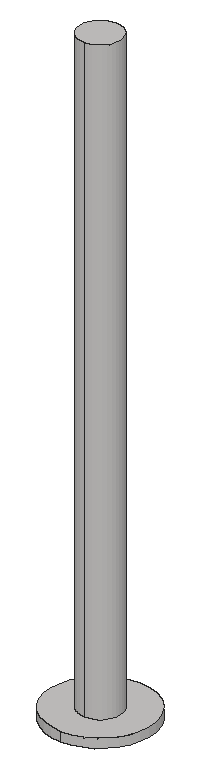
Revit family "KEUCO_14923010000_", category Generic Models, Revit 2016
Family settings
  Part Type = Normal
  Can host rebar = No
  Round Connector Dimension = Use Diameter
  Work Plane-Based = Yes
  Always vertical = No
  Cut with Voids When Loaded = No
  Shared = No
  Room Calculation Point = No
Parameters (values of type "14923170000")
  Verwendung = "GWC / WP"  # constant formula
  URL = "https://www.keuco.com/de/produkte/sortiment/artikel/?pid=14923&oid=2&pgo=7&country=de&lang=de&vid=14923170000"
  Stange Breite = 340 mm
  Preisgruppe = ""
  Materialien bei Hersteller anfragen = "Anfrage zu:  objektmanagement@keuco.de"
  Kategorie = ""
  Gewicht = 0
  Description = ""  # constant formula
  Default Elevation = 1219.2 mm
  Serie = "Plan"  # constant formula
  Material = Edelstahl
  Manufacturer = "KEUCO"  # constant formula
  Assembly Code = ""
  Ausschreibungstext = "KEUCO PLAN Handtuchhalter, einarmig, 14923170000\r\nHandtuchhalter aus silber-eloxiertem Aluminium, einarmig, \r\nin ästhetischem, funktionalem Design,\r\naus rundem Rohr, mit flachem Endstopfen, \r\nein feststehender runder Haltearm, antistatisch, \r\nleicht zu reinigen,\r\nAusladung 340 mm, Durchmesser 22 mm, \r\nRosettendurchmesser 55 mm, Rosettendicke 7 mm, \r\nder Handtuchhalter wird verdeckt angebracht,\r\nLieferung inkl. korrosionsfreiem Befestigungsmaterial"
  Artikelnummer = "14923170000"
Types (4, lengths in mm): name | URL | Materialien bei Hersteller anfragen | Material | Ausschreibungstext | Artikelnummer
  (no name) | "https://www.keuco.com" | "Request to:  objektmanagement@keuco.de" | Verchromt | "KEUCO PLAN Handtuchhalter, einarmig, 14923010000\r\nHochglanzverchromter Handtuchhalter, einarmig, \r\nin ästhetischem, funktionalem Design,\r\naus rundem Rohr, mit flachem Endstopfen, \r\nein feststehender runder Haltearm, antistatisch, \r\nleicht zu reinigen,\r\nAusladung 340 mm, Durchmesser 22 mm, \r\nRosettendurchmesser 55 mm, Rosettendicke 7 mm, \r\nder Handtuchhalter wird verdeckt angebracht,\r\nLieferung inkl. korrosionsfreiem Befestigungsmaterial" | "14923010000"
  14923010000 | "https://www.keuco.com/de/produkte/sortiment/artikel/?pid=14923&oid=2&pgo=7&country=de&lang=de&vid=14923010000" | "Request to:  objektmanagement@keuco.de" | Verchromt | "KEUCO PLAN Handtuchhalter, einarmig, 14923010000\r\nHochglanzverchromter Handtuchhalter, einarmig, \r\nin ästhetischem, funktionalem Design,\r\naus rundem Rohr, mit flachem Endstopfen, \r\nein feststehender runder Haltearm, antistatisch, \r\nleicht zu reinigen,\r\nAusladung 340 mm, Durchmesser 22 mm, \r\nRosettendurchmesser 55 mm, Rosettendicke 7 mm, \r\nder Handtuchhalter wird verdeckt angebracht,\r\nLieferung inkl. korrosionsfreiem Befestigungsmaterial" | "14923010000"
  14923070000 | "https://www.keuco.com/de/produkte/sortiment/artikel/?pid=14923&oid=2&pgo=7&country=de&lang=de&vid=14923070000" | "Request to:  objektmanagement@keuco.de" | Edelstahl | "KEUCO PLAN Handtuchhalter, einarmig, 14923070000\r\nHandtuchhalter aus hochwertigem Edelstahl, einarmig, \r\nin ästhetischem, funktionalem Design,\r\naus rundem Rohr, mit flachem Endstopfen, \r\nein feststehender runder Haltearm, antistatisch, \r\nleicht zu reinigen,\r\nAusladung 340 mm, Durchmesser 22 mm, \r\nRosettendurchmesser 55 mm, Rosettendicke 7 mm, \r\nder Handtuchhalter wird verdeckt angebracht,\r\nLieferung inkl. korrosionsfreiem Befestigungsmaterial" | "14923070000"
  14923170000 | "https://www.keuco.com/de/produkte/sortiment/artikel/?pid=14923&oid=2&pgo=7&country=de&lang=de&vid=14923170000" | "Anfrage zu:  objektmanagement@keuco.de" | Edelstahl | "KEUCO PLAN Handtuchhalter, einarmig, 14923170000\r\nHandtuchhalter aus silber-eloxiertem Aluminium, einarmig, \r\nin ästhetischem, funktionalem Design,\r\naus rundem Rohr, mit flachem Endstopfen, \r\nein feststehender runder Haltearm, antistatisch, \r\nleicht zu reinigen,\r\nAusladung 340 mm, Durchmesser 22 mm, \r\nRosettendurchmesser 55 mm, Rosettendicke 7 mm, \r\nder Handtuchhalter wird verdeckt angebracht,\r\nLieferung inkl. korrosionsfreiem Befestigungsmaterial" | "14923170000"
Reference planes
  plane 1 "Center (Front/Back)": y = 0
  plane 2: z = 0
  plane 3 "Center (Left/Right)": x = 0
  plane 4: y = -700
  plane 5: z = 340
Forms (mm)
  Extrusion 1, solid, material "Edelstahl" <- "Material"
    sketch origin (0, 16.5, 20) x (0, 1, 0) y (-1, 0, 0)
      loop
        circle (-16.5, 0) r 11
    from -15 to 320
  Extrusion 2, solid, material "Edelstahl" <- "Material"
    sketch origin (0, 16.5, 20) x (0, 1, 0) y (-1, 0, 0)
      loop
        circle (-16.5, 0) r 27.5
    from -20 to -15
Dimensions and locks
  "Stange Breite": plane 5 to plane 2
  aligned and locked: level to plane 2
  aligned and locked: Extrusion 2 to plane 2
  aligned and locked: Extrusion 1 to Extrusion 2
  aligned and locked: plane 5 to Extrusion 1
Automatic sketch dimensions
  plane 1 "Center (Front/Back)" to Extrusion 1 sketch curve = 0 mm
  Extrusion 1 sketch curve to plane 3 "Center (Left/Right)" = 0 mm
  plane 1 "Center (Front/Back)" to Extrusion 2 sketch curve = 0 mm
  Extrusion 2 sketch curve to plane 3 "Center (Left/Right)" = 0 mm
  radius of Extrusion 1 sketch curve = 11 mm
  radius of Extrusion 2 sketch curve = 27.5 mm
